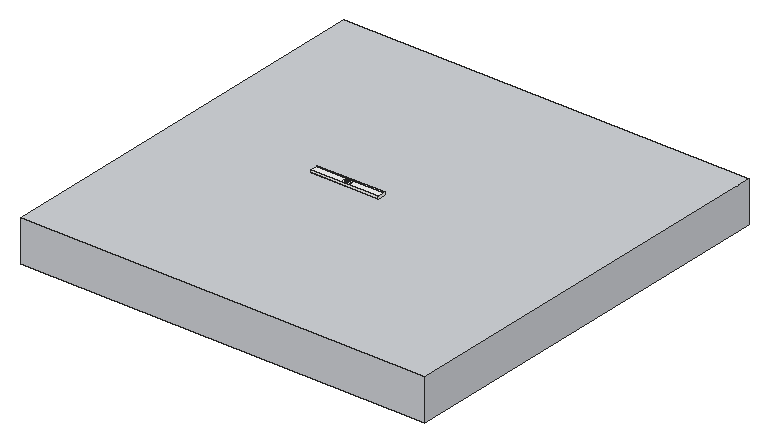
Revit family "Zumtobel RESCLITE PRO TEC-GP", category Lighting Fixtures, host Face, Revit 2016
Family settings
  Host = Face
  Part Type = Normal
  Round Connector Dimension = Use Diameter
  OmniClass Number = 23.80.70.11
  OmniClass Title = Luminaries for Internal Lighting
  Cut with Voids When Loaded = No
  Light Source = Yes
  Shared = No
  Room Calculation Point = No
Parameters (values of type "RESCLITE PRO TEC-GP ANT E3D WH")
  Width = 60 mm  # constant formula
  Wattage Comments = ""
  Wattage = 1.13773 W
  built-in parameter 1150110 = 1 (stored number, unit not read)
  Voltage = 230 V
  URL = "http://www.zumtobel.com/42183105"
  Type Comments = "© Zumtobel. We reserve the right to make technical changes without prior notice."  # constant formula
  built-in parameter 1114217 = 1 (stored number, unit not read)
  Tilt Angle = 180.00°
  built-in parameter 1150109 = 1 (stored number, unit not read)
  built-in parameter 1150134 = 12
  built-in parameter 1150113 = 1 (stored number, unit not read)
  Photometric Web File = "42183105_(STD_LEO).IES"
  MSC ESC = no
  MSC = yes
  built-in parameter 1150105 = 13.449 (stored number, unit not read)
  Lumens = 169 lm
  built-in parameter 1150115 = 1 (stored number, unit not read)
  built-in parameter 1150137 = (empty or 0)
  built-in parameter 1150139 = (empty or 0)
  Length = 500 mm  # constant formula
  built-in parameter 1150112 = 1 (stored number, unit not read)
  built-in parameter 1150114 = 1 (stored number, unit not read)
  built-in parameter 1150132 = 2
  built-in parameter 1150102 = (empty or 0)
  built-in parameter 1150107 = 4000 (stored number, unit not read)
  built-in parameter 1150138 = (empty or 0)
  built-in parameter 1150106 = 0.13449 (stored number, unit not read)
  Height = 85 mm  # constant formula
  built-in parameter 1150104 = 13.8 (stored number, unit not read)
  Dimming Lamp Color Temperature Shift = <None>
  Model = "42183105"
  Manufacturer = "Zumtobel Lighting"  # constant formula
  Lamp = "LED"
  Description = "LED Safety luminaire"  # constant formula
  Default Elevation = 0 mm
  Color Filter = 16777215
  Body = Zumtobel_Metal_White
  built-in parameter 1114218 = 1 (stored number, unit not read)
  built-in parameter 1150133 = 10 (stored number, unit not read)
  Assembly Code = "D5020200"
  Apparent Load = 4.5 VA
Types (5, lengths in mm): name | Wattage | URL | Photometric Web File | MSC ESC | MSC | built-in parameter 1150105 | Lumens | built-in parameter 1150106 | Model | Apparent Load
  RESCLITE PRO TEC-GP ANT E3D WH | 1.13773 W | "http://www.zumtobel.com/42183105" | "42183105_(STD_LEO).IES" | no | yes | 13.449 (stored number, unit not read) | 169 lm | 0.13449 (stored number, unit not read) | "42183105" | 4.5 VA
  RESCLITE PRO TEC-GP SPOT | 1.27237 W | "http://www.zumtobel.com/42185796" | "42185796_(STD_LEO).IES" | no | yes | 15.04 (stored number, unit not read) | 189 lm | 0.1504 (stored number, unit not read) | "42185796" | 4.7 VA
  RESCLITE PRO TEC-GP ESC90 | 1.20505 W | "http://www.zumtobel.com/42185795" | "42185795_(STD_LEO).IES" | yes | no | 135.95 (stored number, unit not read) | 179 lm | 1.3595 (stored number, unit not read) | "42185795" | 4.7 VA
  RESCLITE PRO TEC-GP ESC HC | 2.05329 W | "http://www.zumtobel.com/42185824" | "42185824_(STD_LEO).IES" | no | yes | 24.271 (stored number, unit not read) | 305 lm | 0.24271 (stored number, unit not read) | "42185824" | 7.1 VA
  RESCLITE PRO TEC-GP ESC | 1.21851 W | "http://www.zumtobel.com/42185796" | "42185794_(STD_LEO).IES" | yes | no | 294.31 (stored number, unit not read) | 181 lm | 2.9431 (stored number, unit not read) | "42185796" | 4.7 VA
Reference planes
  plane 1 "Center (Front/Back)": y = 0
  plane 2 "Bottom": z = 0
  plane 3 "Center (Left/Right)": x = -735.5
  plane 4 "Left": x = -984.5
  plane 5: y = -22
  plane 6: y = 22
  plane 7: z = 18.928
  plane 8 "Right": x = -486.5
  plane 9: z = 16.928
Forms (mm)
  Extrusion 1, solid
    sketch origin (123, 0, 0) x (1, 0, 0) y (0, 1, 0)
      loop
        line (-2085.5, 1500) -> (-2085.5, -1500) -> (914.5, -1500) -> (914.5, 1500) -> (-2085.5, 1500)
    from 0 to -304.8
  Extrusion 2, solid, material "Zumtobel_Metal_White" <- "Body"
    sketch origin (-735.5, 0, -48.078) x (0, -1, 0) y (0, 0, 1)
      loop
        line (-28, 65.006) -> (-30, 67.006) -> (-30, 53.006) -> (-24.468, 53.006) -> (-24.468, 42) -> (-21.81, 42) -> (-21.81, 48.078) -> (21.81, 48.078) -> (21.81, 42) -> (24.468, 42) -> (24.468, 53.006) -> (30, 53.006) -> (30, 67.006) -> (28, 65.006) -> (-28, 65.006)
    from -249 to 249
  Revolve 3, void
    sketch origin (0, 0, 11.304) x (1, 0, 0) y (0, 0, 1)
      loop
        line (-751.709, 5.624) -> (-749.5, 4.473) -> (-735.5, 4.473) -> (-735.5, 5.624) -> (-751.709, 5.624)
      axis (-735.5, 5.624) -> (-735.5, 4.473)
    angle from 0 to 360
  Revolve 4, solid, material "Zumtobel_Metal_White" <- "Body"
    sketch origin (0, 0, 11.304) x (1, 0, 0) y (0, 0, 1)
      loop
        line (-751.709, 5.624) -> (-753.629, 6.624) -> (-760.5, 5.624) -> (-751.709, 5.624)
      axis (-735.5, 6.624) -> (-735.5, 5.624)
    angle from 0 to 360
  Extrusion 5, solid, material "Zumtobel_Lamp_Self_llumination_Transparent", visible <- "MSC ESC"
    sketch origin (-735.378, 63.179, -37.774) x (0.001663, 0.999999, 0) y (0, 0, 1)
      loop
        line (-74.185, 53.551) -> (-64.511, 53.551) -> (-71.574, 63.702) -> (-74.185, 53.551)
      loop
        line (-61.846, 53.551) -> (-52.172, 53.551) -> (-54.784, 63.702) -> (-61.846, 53.551)
    from -4 to 4
  Revolve 6, solid, material "Zumtobel_Lamp_Self_llumination_Transparent", visible <- "MSC"
    sketch origin (-730.5, -735.5, -32.072) x (0, -1, 0) y (0, 0, 1)
      loop
        line (-742.709, 47.85) -> (-735.5, 47.85) -> (-735.5, 49.382)
        arc (-735.5, 49.382) -> (-739.207, 49.099) -> (-742.709, 47.85) r 13.984
      axis (-735.5, 49.382) -> (-735.5, 47.85)
    angle from 0 to 360
  Revolve 7, solid, material "Zumtobel_Lamp_Self_llumination_Transparent", visible <- "MSC"
    sketch origin (-740.5, -735.5, -32.072) x (0, -1, 0) y (0, 0, -1)
      loop
        arc (-742.709, -47.85) -> (-739.207, -49.099) -> (-735.5, -49.382) r 13.984
        line (-735.5, -49.382) -> (-735.5, -47.85) -> (-742.709, -47.85)
      axis (-735.5, -49.382) -> (-735.5, -47.85)
    angle from 0 to 360
Cuts and joins
  Revolve 3 cuts Extrusion 2
  joined: Extrusion 2, Revolve 4
Lines and regions (mm)
  symbolic lines, not visible, detail levels coarse
    curve 1: line (-735.5, 80, 0) -> (-735.5, -80, 0)
    curve 2: line (-735.5, 80, 0) -> (-735.5, -80, 0)
Dimensions and locks
  plane 7 to level = 18.928 mm
  equal spacing: plane 4 "Left", plane 3 "Center (Left/Right)", plane 8 "Right"
  locked: plane 4 "Left" to plane 8 "Right" at 498
  aligned and locked: plane 2 "Bottom" to Extrusion 1
  aligned and locked: level to Extrusion 1
  aligned and locked: imposter light to plane 3 "Center (Left/Right)"
  aligned and locked: imposter light to plane 1 "Center (Front/Back)"
  aligned and locked: plane 4 "Left" to Extrusion 2
  aligned and locked: plane 8 "Right" to Extrusion 2
  aligned and locked: imposter light to plane 7
Automatic sketch dimensions
  curve 1 to plane 3 "Center (Left/Right)" = 0 mm
  curve 2 to plane 3 "Center (Left/Right)" = 0 mm
  plane 5 to curve 1 = 58 mm
  curve 2 to curve 1 = 0 mm
  plane 6 to curve 2 = 58 mm
  curve 1 to curve 2 = 0 mm
  Extrusion 1 sketch curve to Extrusion 1 sketch curve = 3000 mm  (x2)
  plane 6 to Extrusion 2 sketch curve = 8 mm
  plane 6 to Extrusion 2 sketch curve = 6 mm
  plane 6 to Extrusion 2 sketch curve = 2.468 mm
  Extrusion 2 sketch curve to Extrusion 2 sketch curve = 2.658 mm  (x2)
  Extrusion 2 sketch curve to plane 5 = 0.19 mm
  Extrusion 2 sketch curve to Extrusion 2 sketch curve = 3.532 mm
  Extrusion 2 sketch curve to Extrusion 2 sketch curve = 5.532 mm
  Extrusion 2 sketch curve to Extrusion 2 sketch curve = 6.078 mm
  Extrusion 2 sketch curve to Extrusion 2 sketch curve = 4.928 mm  (x2)
  Extrusion 2 sketch curve to Extrusion 2 sketch curve = 12 mm
  Extrusion 2 sketch curve to Extrusion 2 sketch curve = 2 mm  (x2)
  plane 3 "Center (Left/Right)" to Revolve 4 sketch curve = 0 mm
  level to Revolve 4 sketch curve = 16.928 mm
  plane 3 "Center (Left/Right)" to Revolve 4 sketch curve = 16.209 mm
  level to Revolve 4 sketch curve = 17.928 mm
  Revolve 4 sketch curve to Revolve 4 sketch curve = 1.92 mm
  Revolve 4 sketch curve to Revolve 4 sketch curve = 6.871 mm
  level to Revolve 4 sketch curve = 11.928 mm
  level to Revolve 4 sketch curve = 8.487 mm
  plane 3 "Center (Left/Right)" to Revolve 3 sketch curve = 0 mm  (x2)
  level to Revolve 3 sketch curve = 15.778 mm
  plane 3 "Center (Left/Right)" to Revolve 3 sketch curve = 14 mm
  Revolve 3 sketch curve to Revolve 3 sketch curve = 2.209 mm
  Revolve 3 sketch curve to Revolve 3 sketch curve = 1.15 mm
  Revolve 3 sketch curve to Revolve 3 sketch curve = 1.951 mm
  level to Revolve 3 sketch curve = 9.267 mm
  Extrusion 2 sketch curve to level = 0 mm
  Extrusion 2 sketch curve to level = 6.078 mm
  Revolve 6 sketch curve to plane 1 "Center (Front/Back)" = 0 mm  (x2)
  Revolve 6 sketch curve to plane 1 "Center (Front/Back)" = 0.8 mm
  Revolve 6 sketch curve to plane 9 = 1.15 mm
  Revolve 6 sketch curve to plane 1 "Center (Front/Back)" = 7.209 mm
  level to Revolve 6 sketch curve = 3.348 mm
  Revolve 6 sketch curve to Revolve 6 sketch curve = 0.598 mm
  plane 7 to Revolve 6 sketch curve = 0.11 mm
  Revolve 7 sketch curve to plane 1 "Center (Front/Back)" = 0 mm  (x2)
  Revolve 7 sketch curve to plane 1 "Center (Front/Back)" = 0.8 mm
  Revolve 7 sketch curve to plane 9 = 1.15 mm
  Revolve 7 sketch curve to plane 1 "Center (Front/Back)" = 7.209 mm
  Revolve 7 sketch curve to Revolve 7 sketch curve = 1.532 mm
  Revolve 7 sketch curve to Revolve 7 sketch curve = 0.598 mm
  plane 7 to Revolve 7 sketch curve = 0.11 mm
  Extrusion 5 sketch curve to plane 9 = 1.15 mm  (x2)
  plane 7 to Extrusion 5 sketch curve = 7 mm  (x2)
  Extrusion 5 sketch curve to Extrusion 5 sketch curve = 2.612 mm
  Extrusion 5 sketch curve to Extrusion 5 sketch curve = 9.674 mm  (x2)
  Extrusion 5 sketch curve to Extrusion 5 sketch curve = 2.665 mm
  Extrusion 5 sketch curve to Extrusion 5 sketch curve = 7.062 mm
Connectors
  electrical at (-735.5, 0, 0), driven by "Apparent Load", driven by "Voltage"
    settings: index 1, voltage 230 V, apparent load 0 VA, apparent load phase1 4.5 VA, apparent load phase2 0 VA, apparent load phase3 0 VA, power factor 1, load classification "Lighting", number of poles 1, system type 31, power factor state 1, is connector primary yes, connector utility no, sub classification motor no, connector description ""
